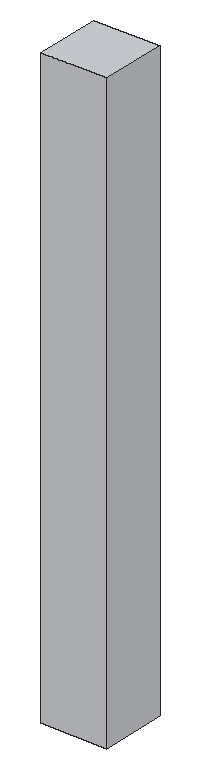
Revit family "기둥 - 정사각형", category 난간동자, Revit 2026
Family settings
  항상 수직 = 예
  로드될 때 보이드를 사용하여 절단 = 아니오
  공유 = 아니오
Parameters (values of type "100mm")
  built-in parameter 1008623 [instance] = (empty or 0)
  built-in parameter 1008625 [instance] = (empty or 0)
  기둥 재료 = none
  폭 = 100 mm
  Post = yes
  built-in parameter 1008624 [instance] = (empty or 0)
  built-in parameter 1008622 [instance] = 915 mm
Types (5, lengths in mm): name | 폭
  (no name) | 100
  30mm | 30
  60mm | 60
  100mm | 100
  150mm | 150
Reference planes
  plane 1 "중심(앞/뒤)": y = 0
  plane 2: z = 0
  plane 3 "중심(왼쪽/오른쪽)": x = 0
  plane 4 "상단": z = 915
Forms (mm)
  Extrusion 1, solid, material <- "기둥 재료"
    sketch origin (0, 0, 0) x (1, 0, 0) y (0, 1, 0)
      loop
        line (-50, 50) -> (-50, -50) -> (50, -50) -> (50, 50) -> (-50, 50)
    from 0 to 915
Dimensions and locks
  "built-in parameter 1008622": plane 2 to plane 4 "상단"
  equal spacing: Extrusion 1 sketch curve, plane 3 "중심(왼쪽/오른쪽)", Extrusion 1 sketch curve
  equal spacing: Extrusion 1 sketch curve, plane 1 "중심(앞/뒤)", Extrusion 1 sketch curve
  "폭": Extrusion 1 sketch curve to Extrusion 1 sketch curve  (x2)
  aligned and locked: Extrusion 1 to level
  aligned and locked: Extrusion 1 to plane 4 "상단"
